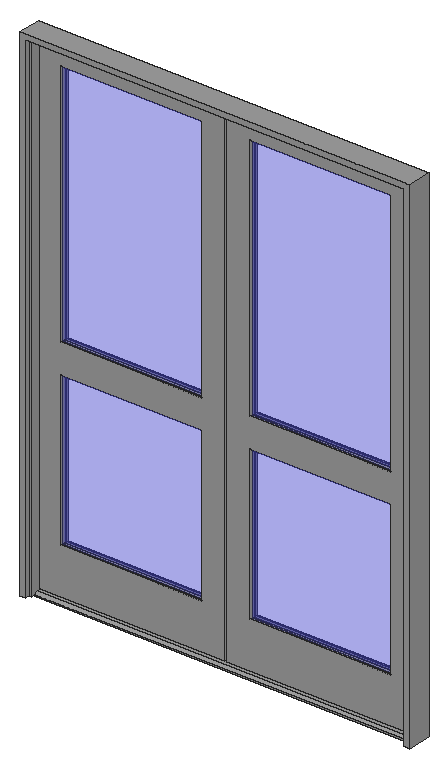
Revit family "MS-375 PIVOT DOOR-Double-VIP-1-CW_v05", category Curtain Panels, Revit 2015 (continued)
Definition of nested family "2.5x6-RTCIG CW-H8533-DHD-OHD SC-DI"
  Lines and regions (in)
    Filled region 3, type "2.5x6.75-RC CW-SSA-SG-H1416-DHD-OHD SC-FINE-1", in view "Ref. Level", not visible, detail levels fine
      outline origin (0, 2.5, 0) x (1, 0, 0) y (0, 1, 0)
        loop
          line (-1.03244, -2.5) -> (-1.28244, -2.5)
          arc (-1.28244, -2.5) -> (-1.26095, -2.625) -> (-1.28244, -2.75) r 0.37439
          line (-1.28244, -2.75) -> (-1.03244, -2.75) -> (-1.03244, -2.5)
    Filled region 4, type "2.5x6.75-RC CW-SSA-SG-H1416-DHD-OHD SC-FINE-1", in view "Ref. Level", not visible, detail levels fine
      outline origin (0, 2.5, 0) x (1, 0, 0) y (0, 1, 0)
        loop
          line (2.96756, -2.5) -> (2.96756, -2.75) -> (3.21756, -2.75)
          arc (3.21756, -2.75) -> (3.19608, -2.625) -> (3.21756, -2.5) r 0.37439
          line (3.21756, -2.5) -> (2.96756, -2.5)
    detail lines, in view "Ref. Level", detail levels fine
      curve 1: arc (1.65506, -0.328, 0) -> (1.67791, -0.38315, 0) -> (1.73306, -0.406, 0) r 0.078
      curve 2: arc (0.20206, -0.406, 0) -> (0.25722, -0.38315, 0) -> (0.28006, -0.328, 0) r 0.078
      curve 3: arc (0.68756, -1.173, 0) -> (0.71506, -1.2005, 0) -> (0.74256, -1.173, 0) r 0.0275
      curve 4: arc (0.74256, -1.408, 0) -> (0.71506, -1.3805, 0) -> (0.68756, -1.408, 0) r 0.0275
      curve 5: arc (2.00056, -1, 0) -> (1.96239, -1.07442, 0) -> (2.04511, -1.062, 0) r 0.047
      curve 6: arc (0.95295, -1.053, 0) -> (1.03486, -1.07804, 0) -> (0.99956, -1, 0) r 0.047
      curve 7: line (1.73306, -0.406, 0) -> (1.98306, -0.406, 0)
      curve 8: line (1.98306, -0.406, 0) -> (1.98306, -0.375, 0)
      curve 9: line (1.98306, -0.375, 0) -> (3.09256, -0.375, 0)
      curve 10: line (3.09256, -0.375, 0) -> (3.09256, -0.875, 0)
      curve 11: line (3.09256, -0.875, 0) -> (-1.15744, -0.875, 0)
      curve 12: line (-1.15744, -0.875, 0) -> (-1.15744, -0.375, 0)
      curve 13: line (-1.15744, -0.375, 0) -> (-0.04794, -0.375, 0)
      curve 14: line (-0.04794, -0.375, 0) -> (-0.04794, -0.406, 0)
      curve 15: line (-0.04794, -0.406, 0) -> (0.20206, -0.406, 0)
      curve 16: line (0.28006, -0.328, 0) -> (0.03006, -0.328, 0)
      curve 17: line (0.03006, -0.328, 0) -> (0.03006, -0.25, 0)
      curve 18: line (0.03006, -0.25, 0) -> (-1.28244, -0.25, 0)
      curve 19: line (-1.28244, -0.25, 0) -> (-1.28244, -1, 0)
      curve 20: line (-1.28244, -1, 0) -> (3.21756, -1, 0)
      curve 21: line (3.21756, -1, 0) -> (3.21756, -0.25, 0)
      curve 22: line (3.21756, -0.25, 0) -> (1.90506, -0.25, 0)
      curve 23: line (1.90506, -0.25, 0) -> (1.90506, -0.328, 0)
      curve 24: line (1.90506, -0.328, 0) -> (1.65506, -0.328, 0)
      curve 25: line (0.74256, -1.173, 0) -> (0.74256, -1.143, 0)
      curve 26: line (0.74256, -1.143, 0) -> (0.79756, -1.143, 0)
      curve 27: line (0.79756, -1.143, 0) -> (0.79756, -1.438, 0)
      curve 28: line (0.79756, -1.438, 0) -> (0.74256, -1.438, 0)
      curve 29: line (0.74256, -1.438, 0) -> (0.74256, -1.408, 0)
      curve 30: line (0.68756, -1.408, 0) -> (0.68756, -1.5, 0)
      curve 31: line (0.68756, -1.5, 0) -> (2.31256, -1.5, 0)
      curve 32: line (2.31256, -1.5, 0) -> (2.31256, -1, 0)
      curve 33: line (2.31256, -1, 0) -> (2.00056, -1, 0)
      curve 34: line (2.04511, -1.062, 0) -> (2.25056, -1.062, 0)
      curve 35: line (2.25056, -1.062, 0) -> (2.25056, -1.438, 0)
      curve 36: line (2.25056, -1.438, 0) -> (0.85956, -1.438, 0)
      curve 37: line (0.85956, -1.438, 0) -> (0.85956, -1.053, 0)
      curve 38: line (0.85956, -1.053, 0) -> (0.95295, -1.053, 0)
      curve 39: line (0.99956, -1, 0) -> (0.79756, -1, 0)
      curve 40: line (0.79756, -1, 0) -> (0.79756, -1.081, 0)
      curve 41: line (0.79756, -1.081, 0) -> (0.74256, -1.081, 0)
      curve 42: line (0.74256, -1.081, 0) -> (0.74256, -1, 0)
      curve 43: line (0.74256, -1, 0) -> (0.68756, -1, 0)
      curve 44: line (0.68756, -1, 0) -> (0.68756, -1.173, 0)
      curve 45: line (-1.28244, 0, 0) -> (-1.28244, -1, 0)
      curve 46: line (-1.28244, -1, 0) -> (0.68756, -1, 0)
      curve 47: line (0.68756, -1, 0) -> (0.68756, -1.5, 0)
      curve 48: line (0.68756, -1.5, 0) -> (2.31256, -1.5, 0)
      curve 49: line (2.31256, -1.5, 0) -> (2.31256, -1, 0)
      curve 50: line (2.31256, -1, 0) -> (3.21756, -1, 0)
      curve 51: line (3.21756, -1, 0) -> (3.21756, 0, 0)
      curve 52: line (3.21756, 0, 0) -> (-1.28244, 0, 0)
      curve 53: arc (-1.28244, -0.25, 0) -> (-1.26095, -0.125, 0) -> (-1.28244, 0, 0) r 0.37439
      curve 54: arc (3.21756, 0, 0) -> (3.19608, -0.125, 0) -> (3.21756, -0.25, 0) r 0.37439
      curve 55: arc (1.95497, -1.14175, 0) -> (1.95619, -1.1362, 0) -> (1.95482, -1.13068, 0) r 0.0125
      curve 56: arc (1.98284, -1.14139, 0) -> (1.98406, -1.13584, 0) -> (1.9827, -1.13032, 0) r 0.0125
      curve 57: arc (1.01743, -1.13032, 0) -> (1.01607, -1.13584, 0) -> (1.01729, -1.14139, 0) r 0.0125
      curve 58: arc (1.0453, -1.13068, 0) -> (1.04394, -1.1362, 0) -> (1.04516, -1.14175, 0) r 0.0125
      curve 59: arc (1.10681, -1.025, 0) -> (1.10028, -1.02684, 0) -> (1.09567, -1.03182, 0) r 0.0125
      curve 60: arc (1.90446, -1.03183, 0) -> (1.89985, -1.02684, 0) -> (1.89332, -1.025, 0) r 0.0125
      curve 61: line (-1.03244, -0.25, 0) -> (-1.03244, 0, 0)
      curve 62: line (-1.03244, 0, 0) -> (2.96756, 0, 0)
      curve 63: line (2.96756, 0, 0) -> (2.96756, -0.25, 0)
      curve 64: line (2.96756, -0.25, 0) -> (-1.03244, -0.25, 0)
      curve 65: line (-1.03244, -0.25, 0) -> (2.96756, 0, 0)
      curve 66: line (-1.03244, 0, 0) -> (2.96756, -0.25, 0)
      curve 67: line (1.95497, -1.14175, 0) -> (1.89789, -1.26122, 0)
      curve 68: line (1.89789, -1.26122, 0) -> (1.92045, -1.272, 0)
      curve 69: line (1.92045, -1.272, 0) -> (1.98284, -1.14139, 0)
      curve 70: line (1.9827, -1.13032, 0) -> (1.92904, -1.025, 0)
      curve 71: line (1.92904, -1.025, 0) -> (1.95506, -1.025, 0)
      curve 72: line (1.95506, -1.025, 0) -> (1.95506, -1, 0)
      curve 73: line (1.95506, -1, 0) -> (1.04506, -1, 0)
      curve 74: line (1.04506, -1, 0) -> (1.04506, -1.025, 0)
      curve 75: line (1.04506, -1.025, 0) -> (1.07109, -1.025, 0)
      curve 76: line (1.07109, -1.025, 0) -> (1.01743, -1.13032, 0)
      curve 77: line (1.01729, -1.14139, 0) -> (1.07968, -1.272, 0)
      curve 78: line (1.07968, -1.272, 0) -> (1.10224, -1.26122, 0)
      curve 79: line (1.10224, -1.26122, 0) -> (1.04516, -1.14175, 0)
      curve 80: line (1.0453, -1.13068, 0) -> (1.09567, -1.03182, 0)
      curve 81: line (1.10681, -1.025, 0) -> (1.89332, -1.025, 0)
      curve 82: line (1.90446, -1.03183, 0) -> (1.95482, -1.13068, 0)
      curve 83: line (0.54796, -1.18033, 0) -> (0.56296, -1.18633, 0)
      curve 84: line (0.56296, -1.18633, 0) -> (0.57696, -1.19533, 0)
      curve 85: line (0.57696, -1.19533, 0) -> (0.60296, -1.19933, 0)
      curve 86: line (0.60296, -1.19933, 0) -> (0.62096, -1.20333, 0)
      curve 87: line (0.62096, -1.20333, 0) -> (0.65696, -1.20433, 0)
      curve 88: line (0.65696, -1.20433, 0) -> (0.67296, -1.20633, 0)
      curve 89: line (0.67296, -1.20633, 0) -> (0.69296, -1.20833, 0)
      curve 90: line (0.69296, -1.20833, 0) -> (0.69696, -1.21433, 0)
      curve 91: line (0.69696, -1.21433, 0) -> (0.70996, -1.20833, 0)
      curve 92: line (0.70996, -1.20833, 0) -> (0.69696, -1.21433, 0)
      curve 93: line (0.55396, -1.35233, 0) -> (0.58296, -1.35233, 0)
      curve 94: line (0.58296, -1.35233, 0) -> (0.60796, -1.35233, 0)
      curve 95: line (0.60796, -1.35233, 0) -> (0.62496, -1.35433, 0)
      curve 96: line (0.62496, -1.35433, 0) -> (0.65696, -1.35433, 0)
      curve 97: line (0.65696, -1.35433, 0) -> (0.67696, -1.35533, 0)
      curve 98: line (0.67696, -1.35533, 0) -> (0.70396, -1.36133, 0)
      curve 99: line (0.70396, -1.36133, 0) -> (0.67496, -1.36433, 0)
      curve 100: line (0.67496, -1.36433, 0) -> (0.68996, -1.37033, 0)
      curve 101: line (0.68996, -1.37033, 0) -> (0.67296, -1.36633, 0)
      curve 102: line (0.67296, -1.36633, 0) -> (0.65096, -1.36833, 0)
      curve 103: line (0.65096, -1.36833, 0) -> (0.58796, -1.37733, 0)
      curve 104: line (0.58796, -1.37733, 0) -> (0.60596, -1.37733, 0)
      curve 105: line (0.60596, -1.37733, 0) -> (0.61696, -1.37533, 0)
      curve 106: line (0.61696, -1.37533, 0) -> (0.63196, -1.37433, 0)
      curve 107: line (0.63196, -1.37433, 0) -> (0.65896, -1.37233, 0)
      curve 108: line (0.65896, -1.37233, 0) -> (0.67896, -1.37033, 0)
      curve 109: line (0.67896, -1.37033, 0) -> (0.65296, -1.36633, 0)
      curve 110: line (0.65296, -1.36633, 0) -> (0.62296, -1.36633, 0)
      curve 111: line (0.62296, -1.36633, 0) -> (0.58996, -1.36433, 0)
      curve 112: line (0.58996, -1.36433, 0) -> (0.54796, -1.36933, 0)
      curve 113: line (0.57196, -1.38433, 0) -> (0.58996, -1.38133, 0)
      curve 114: line (0.58996, -1.38133, 0) -> (0.54796, -1.38833, 0)
      curve 115: line (0.54796, -1.38833, 0) -> (0.57196, -1.38433, 0)
      curve 116: line (0.54996, -1.24133, 0) -> (0.56796, -1.23933, 0)
      curve 117: line (0.56796, -1.23933, 0) -> (0.58096, -1.23733, 0)
      curve 118: line (0.58096, -1.23733, 0) -> (0.59396, -1.23533, 0)
      curve 119: line (0.59396, -1.23533, 0) -> (0.61496, -1.23533, 0)
      curve 120: line (0.61496, -1.23533, 0) -> (0.62796, -1.23533, 0)
      curve 121: line (0.62796, -1.23533, 0) -> (0.65696, -1.23733, 0)
      curve 122: line (0.65696, -1.23733, 0) -> (0.67096, -1.23733, 0)
      curve 123: line (0.67096, -1.23733, 0) -> (0.67896, -1.23933, 0)
      curve 124: line (0.67896, -1.23933, 0) -> (0.69696, -1.24133, 0)
      curve 125: line (0.69696, -1.24133, 0) -> (0.71096, -1.24433, 0)
      curve 126: line (0.71096, -1.24433, 0) -> (0.72796, -1.25233, 0)
      curve 127: line (0.72796, -1.25233, 0) -> (0.74196, -1.25233, 0)
      curve 128: line (0.74196, -1.25233, 0) -> (0.72596, -1.24433, 0)
      curve 129: line (0.72596, -1.24433, 0) -> (0.71096, -1.25033, 0)
      curve 130: line (0.71096, -1.25033, 0) -> (0.70196, -1.25033, 0)
      curve 131: line (0.70196, -1.25033, 0) -> (0.68596, -1.25033, 0)
      curve 132: line (0.68596, -1.25033, 0) -> (0.67096, -1.24633, 0)
      curve 133: line (0.67096, -1.24633, 0) -> (0.65496, -1.24633, 0)
      curve 134: line (0.65496, -1.24633, 0) -> (0.62296, -1.24633, 0)
      curve 135: line (0.62296, -1.24633, 0) -> (0.60596, -1.24633, 0)
      curve 136: line (0.60596, -1.24633, 0) -> (0.59396, -1.24633, 0)
      curve 137: line (0.59396, -1.24633, 0) -> (0.54796, -1.25433, 0)
      curve 138: line (0.54996, -1.20833, 0) -> (0.56096, -1.20833, 0)
      curve 139: line (0.56096, -1.20833, 0) -> (0.58096, -1.20833, 0)
      curve 140: line (0.58096, -1.20833, 0) -> (0.59196, -1.20633, 0)
      curve 141: line (0.59196, -1.20633, 0) -> (0.59896, -1.20633, 0)
      curve 142: line (0.59896, -1.20633, 0) -> (0.60596, -1.20833, 0)
      curve 143: line (0.60596, -1.20833, 0) -> (0.62296, -1.21433, 0)
      curve 144: line (0.62296, -1.21433, 0) -> (0.65496, -1.21233, 0)
      curve 145: line (0.65496, -1.21233, 0) -> (0.66196, -1.21033, 0)
      curve 146: line (0.66196, -1.21033, 0) -> (0.67096, -1.21233, 0)
      curve 147: line (0.67096, -1.21233, 0) -> (0.68096, -1.21233, 0)
      curve 148: line (0.68096, -1.21233, 0) -> (0.68996, -1.21233, 0)
      curve 149: line (0.74596, -1.21033, 0) -> (0.73496, -1.21033, 0)
      curve 150: line (0.73496, -1.21033, 0) -> (0.74196, -1.21033, 0)
      curve 151: line (0.74196, -1.21033, 0) -> (0.75296, -1.21033, 0)
      curve 152: line (0.75296, -1.21033, 0) -> (0.76396, -1.21033, 0)
      curve 153: line (0.76396, -1.21033, 0) -> (0.77496, -1.20633, 0)
      curve 154: line (0.77896, -1.20633, 0) -> (0.76796, -1.20633, 0)
      curve 155: line (0.76796, -1.20633, 0) -> (0.76096, -1.20633, 0)
      curve 156: line (0.76096, -1.20633, 0) -> (0.75296, -1.20833, 0)
      curve 157: line (0.75296, -1.20833, 0) -> (0.74596, -1.21033, 0)
      curve 158: line (0.78096, -1.27033, 0) -> (0.76996, -1.27233, 0)
      curve 159: line (0.76996, -1.27233, 0) -> (0.75496, -1.27433, 0)
      curve 160: line (0.75496, -1.27433, 0) -> (0.74396, -1.27433, 0)
      curve 161: line (0.74396, -1.27433, 0) -> (0.73496, -1.27433, 0)
      curve 162: line (0.73496, -1.27433, 0) -> (0.71496, -1.27433, 0)
      curve 163: line (0.71496, -1.27433, 0) -> (0.69696, -1.27433, 0)
      curve 164: line (0.69696, -1.27433, 0) -> (0.67496, -1.27033, 0)
      curve 165: line (0.67496, -1.27033, 0) -> (0.65696, -1.27033, 0)
      curve 166: line (0.65696, -1.27033, 0) -> (0.60996, -1.27033, 0)
      curve 167: line (0.60996, -1.27033, 0) -> (0.57396, -1.27033, 0)
      curve 168: line (0.57396, -1.27033, 0) -> (0.54796, -1.26833, 0)
      curve 169: line (0.54796, -1.26133, 0) -> (0.56796, -1.26133, 0)
      curve 170: line (0.56796, -1.26133, 0) -> (0.59696, -1.26133, 0)
      curve 171: line (0.59696, -1.26133, 0) -> (0.62496, -1.26133, 0)
      curve 172: line (0.62496, -1.26133, 0) -> (0.66796, -1.26333, 0)
      curve 173: line (0.66796, -1.26333, 0) -> (0.70096, -1.26433, 0)
      curve 174: line (0.70096, -1.26433, 0) -> (0.71896, -1.26333, 0)
      curve 175: line (0.71896, -1.26333, 0) -> (0.73296, -1.26333, 0)
      curve 176: line (0.73296, -1.26333, 0) -> (0.75096, -1.26333, 0)
      curve 177: line (0.75096, -1.26333, 0) -> (0.76096, -1.26333, 0)
      curve 178: line (0.76096, -1.26333, 0) -> (0.76796, -1.26333, 0)
      curve 179: line (0.76796, -1.26333, 0) -> (0.78096, -1.26333, 0)
      curve 180: line (0.78096, -1.25133, 0) -> (0.76996, -1.25033, 0)
      curve 181: line (0.76996, -1.25033, 0) -> (0.76196, -1.25033, 0)
      curve 182: line (0.76196, -1.25033, 0) -> (0.75096, -1.25233, 0)
      curve 183: line (0.75096, -1.25233, 0) -> (0.74196, -1.25233, 0)
      curve 184: line (0.74196, -1.25233, 0) -> (0.74996, -1.24833, 0)
      curve 185: line (0.74996, -1.24833, 0) -> (0.76396, -1.24633, 0)
      curve 186: line (0.76396, -1.24633, 0) -> (0.77496, -1.24333, 0)
      curve 187: line (0.76996, -1.22433, 0) -> (0.75496, -1.22433, 0)
      curve 188: line (0.75496, -1.22433, 0) -> (0.74196, -1.22633, 0)
      curve 189: line (0.74196, -1.22633, 0) -> (0.73296, -1.22633, 0)
      curve 190: line (0.73296, -1.22633, 0) -> (0.70996, -1.22433, 0)
      curve 191: line (0.70996, -1.22433, 0) -> (0.69896, -1.22333, 0)
      curve 192: line (0.69896, -1.22333, 0) -> (0.67696, -1.22433, 0)
      curve 193: line (0.67696, -1.22433, 0) -> (0.65296, -1.22333, 0)
      curve 194: line (0.65296, -1.22333, 0) -> (0.62296, -1.22333, 0)
      curve 195: line (0.62296, -1.22333, 0) -> (0.59896, -1.22133, 0)
      curve 196: line (0.59896, -1.22133, 0) -> (0.58096, -1.22133, 0)
      curve 197: line (0.58096, -1.22133, 0) -> (0.56096, -1.22133, 0)
      curve 198: line (0.56096, -1.22133, 0) -> (0.54796, -1.22233, 0)
      curve 199: line (0.73496, -1.21033, 0) -> (0.71896, -1.21233, 0)
      curve 200: line (0.71896, -1.21233, 0) -> (0.70996, -1.20833, 0)
      curve 201: line (0.70996, -1.20833, 0) -> (0.72396, -1.20833, 0)
      curve 202: line (0.72396, -1.20833, 0) -> (0.73296, -1.21233, 0)
      curve 203: line (0.73296, -1.37433, 0) -> (0.74396, -1.37433, 0)
      curve 204: line (0.74396, -1.37433, 0) -> (0.76096, -1.37433, 0)
      curve 205: line (0.76096, -1.37433, 0) -> (0.77296, -1.37433, 0)
      curve 206: line (0.78096, -1.37033, 0) -> (0.77096, -1.37033, 0)
      curve 207: line (0.77096, -1.37033, 0) -> (0.75496, -1.37033, 0)
      curve 208: line (0.75496, -1.37033, 0) -> (0.74796, -1.36833, 0)
      curve 209: line (0.74796, -1.36833, 0) -> (0.74096, -1.36833, 0)
      curve 210: line (0.74096, -1.36833, 0) -> (0.72996, -1.36633, 0)
      curve 211: line (0.72996, -1.36633, 0) -> (0.71496, -1.36633, 0)
      curve 212: line (0.71496, -1.36633, 0) -> (0.70396, -1.36633, 0)
      curve 213: line (0.70396, -1.36633, 0) -> (0.68996, -1.37033, 0)
      curve 214: line (0.68996, -1.37033, 0) -> (0.70596, -1.37233, 0)
      curve 215: line (0.70596, -1.37233, 0) -> (0.72096, -1.37233, 0)
      curve 216: line (0.72096, -1.37233, 0) -> (0.73296, -1.37433, 0)
      curve 217: line (0.75896, -1.35433, 0) -> (0.74796, -1.35033, 0)
      curve 218: line (0.74796, -1.35033, 0) -> (0.76396, -1.34633, 0)
      curve 219: line (0.76396, -1.34633, 0) -> (0.77296, -1.34633, 0)
      curve 220: line (0.77296, -1.34633, 0) -> (0.78096, -1.34833, 0)
      curve 221: line (0.78096, -1.34833, 0) -> (0.77296, -1.35433, 0)
      curve 222: line (0.77296, -1.35433, 0) -> (0.76596, -1.35433, 0)
      curve 223: line (0.76596, -1.35433, 0) -> (0.75896, -1.35433, 0)
      curve 224: line (0.54796, -1.31033, 0) -> (0.55896, -1.31033, 0)
      curve 225: line (0.55896, -1.31033, 0) -> (0.58796, -1.30833, 0)
      curve 226: line (0.58796, -1.30833, 0) -> (0.61496, -1.30833, 0)
      curve 227: line (0.61496, -1.30833, 0) -> (0.62796, -1.30833, 0)
      curve 228: line (0.62796, -1.30833, 0) -> (0.66196, -1.31033, 0)
      curve 229: line (0.66196, -1.31033, 0) -> (0.68096, -1.31233, 0)
      curve 230: line (0.68096, -1.31233, 0) -> (0.69896, -1.31433, 0)
      curve 231: line (0.69896, -1.31433, 0) -> (0.72096, -1.31433, 0)
      curve 232: line (0.72096, -1.31433, 0) -> (0.73696, -1.31433, 0)
      curve 233: line (0.73696, -1.31433, 0) -> (0.75896, -1.31433, 0)
      curve 234: line (0.75896, -1.31433, 0) -> (0.76596, -1.31433, 0)
      curve 235: line (0.76596, -1.31433, 0) -> (0.77896, -1.31033, 0)
      curve 236: line (0.54796, -1.32333, 0) -> (0.57896, -1.32133, 0)
      curve 237: line (0.57896, -1.32133, 0) -> (0.60496, -1.31933, 0)
      curve 238: line (0.60496, -1.31933, 0) -> (0.61896, -1.31933, 0)
      curve 239: line (0.61896, -1.31933, 0) -> (0.66196, -1.31933, 0)
      curve 240: line (0.66196, -1.31933, 0) -> (0.67696, -1.32133, 0)
      curve 241: line (0.67696, -1.32133, 0) -> (0.70096, -1.32133, 0)
      curve 242: line (0.70096, -1.32133, 0) -> (0.71496, -1.32133, 0)
      curve 243: line (0.71496, -1.32133, 0) -> (0.73496, -1.32133, 0)
      curve 244: line (0.73496, -1.32133, 0) -> (0.75096, -1.32333, 0)
      curve 245: line (0.75096, -1.32333, 0) -> (0.76196, -1.32433, 0)
      curve 246: line (0.76196, -1.32433, 0) -> (0.77096, -1.32433, 0)
      curve 247: line (0.77096, -1.32433, 0) -> (0.78096, -1.32433, 0)
      curve 248: line (0.73296, -1.35433, 0) -> (0.74796, -1.35433, 0)
      curve 249: line (0.74796, -1.35433, 0) -> (0.72596, -1.35733, 0)
      curve 250: line (0.72596, -1.35733, 0) -> (0.73296, -1.35433, 0)
      curve 251: line (0.71296, -1.35533, 0) -> (0.70396, -1.36133, 0)
      curve 252: line (0.70396, -1.36133, 0) -> (0.72596, -1.35733, 0)
      curve 253: line (0.72596, -1.35733, 0) -> (0.71296, -1.35533, 0)
      curve 254: line (0.54796, -1.29533, 0) -> (0.57696, -1.29533, 0)
      curve 255: line (0.57696, -1.29533, 0) -> (0.60996, -1.29533, 0)
      curve 256: line (0.60996, -1.29533, 0) -> (0.65296, -1.29533, 0)
      curve 257: line (0.65296, -1.29533, 0) -> (0.67296, -1.29533, 0)
      curve 258: line (0.67296, -1.29533, 0) -> (0.69896, -1.29933, 0)
      curve 259: line (0.69896, -1.29933, 0) -> (0.70796, -1.29933, 0)
      curve 260: line (0.70796, -1.29933, 0) -> (0.72096, -1.30133, 0)
      curve 261: line (0.72096, -1.30133, 0) -> (0.73296, -1.30133, 0)
      curve 262: line (0.73296, -1.30133, 0) -> (0.74396, -1.30133, 0)
      curve 263: line (0.74396, -1.30133, 0) -> (0.75296, -1.30133, 0)
      curve 264: line (0.75296, -1.30133, 0) -> (0.76996, -1.29933, 0)
      curve 265: line (0.76996, -1.29933, 0) -> (0.77696, -1.29933, 0)
      curve 266: line (0.77696, -1.29933, 0) -> (0.77696, -1.2896, 0)
      curve 267: line (0.78096, -1.28933, 0) -> (0.76596, -1.29033, 0)
      curve 268: line (0.76596, -1.29033, 0) -> (0.75496, -1.29033, 0)
      curve 269: line (0.75496, -1.29033, 0) -> (0.74096, -1.29233, 0)
      curve 270: line (0.74096, -1.29233, 0) -> (0.70996, -1.28833, 0)
      curve 271: line (0.70996, -1.28833, 0) -> (0.69296, -1.28833, 0)
      curve 272: line (0.69296, -1.28833, 0) -> (0.67696, -1.28833, 0)
      curve 273: line (0.67696, -1.28833, 0) -> (0.66096, -1.28633, 0)
      curve 274: line (0.66096, -1.28633, 0) -> (0.62296, -1.28633, 0)
      curve 275: line (0.62296, -1.28633, 0) -> (0.60096, -1.28433, 0)
      curve 276: line (0.60096, -1.28433, 0) -> (0.56096, -1.28333, 0)
      curve 277: line (0.56096, -1.28333, 0) -> (0.54796, -1.28333, 0)
      curve 278: line (0.54796, -1.33833, 0) -> (0.57896, -1.33533, 0)
      curve 279: line (0.57896, -1.33533, 0) -> (0.61496, -1.33733, 0)
      curve 280: line (0.61496, -1.33733, 0) -> (0.65296, -1.33733, 0)
      curve 281: line (0.65296, -1.33733, 0) -> (0.67496, -1.33733, 0)
      curve 282: line (0.67496, -1.33733, 0) -> (0.69496, -1.33733, 0)
      curve 283: line (0.69496, -1.33733, 0) -> (0.70996, -1.33733, 0)
      curve 284: line (0.70996, -1.33733, 0) -> (0.72596, -1.33933, 0)
      curve 285: line (0.72596, -1.33933, 0) -> (0.73696, -1.33933, 0)
      curve 286: line (0.73696, -1.33933, 0) -> (0.74796, -1.33933, 0)
      curve 287: line (0.74796, -1.33933, 0) -> (0.75896, -1.33933, 0)
      curve 288: line (0.75896, -1.33933, 0) -> (0.77696, -1.33733, 0)
      curve 289: line (0.78096, -1.41933, 0) -> (0.78096, -1.15933, 0)
    detail lines, in view "Ref. Level", detail levels medium
      curve 290: arc (1.65506, -0.328, 0) -> (1.67791, -0.38315, 0) -> (1.73306, -0.406, 0) r 0.078
      curve 291: arc (0.20206, -0.406, 0) -> (0.25722, -0.38315, 0) -> (0.28006, -0.328, 0) r 0.078
      curve 292: arc (0.68756, -1.173, 0) -> (0.71506, -1.2005, 0) -> (0.74256, -1.173, 0) r 0.0275
      curve 293: arc (0.74256, -1.408, 0) -> (0.71506, -1.3805, 0) -> (0.68756, -1.408, 0) r 0.0275
      curve 294: arc (2.00056, -1, 0) -> (1.96239, -1.07442, 0) -> (2.04511, -1.062, 0) r 0.047
      curve 295: arc (0.95295, -1.053, 0) -> (1.03486, -1.07804, 0) -> (0.99956, -1, 0) r 0.047
      curve 296: line (1.73306, -0.406, 0) -> (1.98306, -0.406, 0)
      curve 297: line (1.98306, -0.406, 0) -> (1.98306, -0.375, 0)
      curve 298: line (1.98306, -0.375, 0) -> (3.09256, -0.375, 0)
      curve 299: line (3.09256, -0.375, 0) -> (3.09256, -0.875, 0)
      curve 300: line (3.09256, -0.875, 0) -> (-1.15744, -0.875, 0)
      curve 301: line (-1.15744, -0.875, 0) -> (-1.15744, -0.375, 0)
      curve 302: line (-1.15744, -0.375, 0) -> (-0.04794, -0.375, 0)
      curve 303: line (-0.04794, -0.375, 0) -> (-0.04794, -0.406, 0)
      curve 304: line (-0.04794, -0.406, 0) -> (0.20206, -0.406, 0)
      curve 305: line (0.28006, -0.328, 0) -> (0.03006, -0.328, 0)
      curve 306: line (0.03006, -0.328, 0) -> (0.03006, -0.25, 0)
      curve 307: line (0.03006, -0.25, 0) -> (-1.28244, -0.25, 0)
      curve 308: line (-1.28244, -0.25, 0) -> (-1.28244, -1, 0)
      curve 309: line (-1.28244, -1, 0) -> (3.21756, -1, 0)
      curve 310: line (3.21756, -1, 0) -> (3.21756, -0.25, 0)
      curve 311: line (3.21756, -0.25, 0) -> (1.90506, -0.25, 0)
      curve 312: line (1.90506, -0.25, 0) -> (1.90506, -0.328, 0)
      curve 313: line (1.90506, -0.328, 0) -> (1.65506, -0.328, 0)
      curve 314: line (0.74256, -1.173, 0) -> (0.74256, -1.143, 0)
      curve 315: line (0.74256, -1.143, 0) -> (0.79756, -1.143, 0)
      curve 316: line (0.79756, -1.143, 0) -> (0.79756, -1.438, 0)
      curve 317: line (0.79756, -1.438, 0) -> (0.74256, -1.438, 0)
      curve 318: line (0.74256, -1.438, 0) -> (0.74256, -1.408, 0)
      curve 319: line (0.68756, -1.408, 0) -> (0.68756, -1.5, 0)
      curve 320: line (0.68756, -1.5, 0) -> (2.31256, -1.5, 0)
      curve 321: line (2.31256, -1.5, 0) -> (2.31256, -1, 0)
      curve 322: line (2.31256, -1, 0) -> (2.00056, -1, 0)
      curve 323: line (2.04511, -1.062, 0) -> (2.25056, -1.062, 0)
      curve 324: line (2.25056, -1.062, 0) -> (2.25056, -1.438, 0)
      curve 325: line (2.25056, -1.438, 0) -> (0.85956, -1.438, 0)
      curve 326: line (0.85956, -1.438, 0) -> (0.85956, -1.053, 0)
      curve 327: line (0.85956, -1.053, 0) -> (0.95295, -1.053, 0)
      curve 328: line (0.99956, -1, 0) -> (0.79756, -1, 0)
      curve 329: line (0.79756, -1, 0) -> (0.79756, -1.081, 0)
      curve 330: line (0.79756, -1.081, 0) -> (0.74256, -1.081, 0)
      curve 331: line (0.74256, -1.081, 0) -> (0.74256, -1, 0)
      curve 332: line (0.74256, -1, 0) -> (0.68756, -1, 0)
      curve 333: line (0.68756, -1, 0) -> (0.68756, -1.173, 0)
      curve 334: line (-1.28244, 0, 0) -> (-1.28244, -1, 0)
      curve 335: line (-1.28244, -1, 0) -> (0.68756, -1, 0)
      curve 336: line (0.68756, -1, 0) -> (0.68756, -1.5, 0)
      curve 337: line (0.68756, -1.5, 0) -> (2.31256, -1.5, 0)
      curve 338: line (2.31256, -1.5, 0) -> (2.31256, -1, 0)
      curve 339: line (2.31256, -1, 0) -> (3.21756, -1, 0)
      curve 340: line (3.21756, -1, 0) -> (3.21756, 0, 0)
      curve 341: line (3.21756, 0, 0) -> (-1.28244, 0, 0)
    detail lines, in view "Ref. Level", not visible, detail levels fine
      curve 342: arc (1.65506, -0.328, 0) -> (1.67791, -0.38315, 0) -> (1.73306, -0.406, 0) r 0.078
      curve 343: arc (0.20206, -0.406, 0) -> (0.25722, -0.38315, 0) -> (0.28006, -0.328, 0) r 0.078
      curve 344: arc (0.68756, -1.173, 0) -> (0.71506, -1.2005, 0) -> (0.74256, -1.173, 0) r 0.0275
      curve 345: arc (0.74256, -1.408, 0) -> (0.71506, -1.3805, 0) -> (0.68756, -1.408, 0) r 0.0275
      curve 346: arc (2.00056, -1, 0) -> (1.96239, -1.07442, 0) -> (2.04511, -1.062, 0) r 0.047
      curve 347: arc (0.95295, -1.053, 0) -> (1.03486, -1.07804, 0) -> (0.99956, -1, 0) r 0.047
      curve 348: line (1.73306, -0.406, 0) -> (1.98306, -0.406, 0)
      curve 349: line (1.98306, -0.406, 0) -> (1.98306, -0.375, 0)
      curve 350: line (1.98306, -0.375, 0) -> (3.09256, -0.375, 0)
      curve 351: line (3.09256, -0.375, 0) -> (3.09256, -0.875, 0)
      curve 352: line (3.09256, -0.875, 0) -> (-1.15744, -0.875, 0)
      curve 353: line (-1.15744, -0.875, 0) -> (-1.15744, -0.375, 0)
      curve 354: line (-1.15744, -0.375, 0) -> (-0.04794, -0.375, 0)
      curve 355: line (-0.04794, -0.375, 0) -> (-0.04794, -0.406, 0)
      curve 356: line (-0.04794, -0.406, 0) -> (0.20206, -0.406, 0)
      curve 357: line (0.28006, -0.328, 0) -> (0.03006, -0.328, 0)
      curve 358: line (0.03006, -0.328, 0) -> (0.03006, -0.25, 0)
      curve 359: line (0.03006, -0.25, 0) -> (-1.28244, -0.25, 0)
      curve 360: line (-1.28244, -0.25, 0) -> (-1.28244, -1, 0)
      curve 361: line (-1.28244, -1, 0) -> (3.21756, -1, 0)
      curve 362: line (3.21756, -1, 0) -> (3.21756, -0.25, 0)
      curve 363: line (3.21756, -0.25, 0) -> (1.90506, -0.25, 0)
      curve 364: line (1.90506, -0.25, 0) -> (1.90506, -0.328, 0)
      curve 365: line (1.90506, -0.328, 0) -> (1.65506, -0.328, 0)
      curve 366: line (0.74256, -1.173, 0) -> (0.74256, -1.143, 0)
      curve 367: line (0.74256, -1.143, 0) -> (0.79756, -1.143, 0)
      curve 368: line (0.79756, -1.143, 0) -> (0.79756, -1.438, 0)
      curve 369: line (0.79756, -1.438, 0) -> (0.74256, -1.438, 0)
      curve 370: line (0.74256, -1.438, 0) -> (0.74256, -1.408, 0)
      curve 371: line (0.68756, -1.408, 0) -> (0.68756, -1.5, 0)
      curve 372: line (0.68756, -1.5, 0) -> (2.31256, -1.5, 0)
      curve 373: line (2.31256, -1.5, 0) -> (2.31256, -1, 0)
      curve 374: line (2.31256, -1, 0) -> (2.00056, -1, 0)
      curve 375: line (2.04511, -1.062, 0) -> (2.25056, -1.062, 0)
      curve 376: line (2.25056, -1.062, 0) -> (2.25056, -1.438, 0)
      curve 377: line (2.25056, -1.438, 0) -> (0.85956, -1.438, 0)
      curve 378: line (0.85956, -1.438, 0) -> (0.85956, -1.053, 0)
      curve 379: line (0.85956, -1.053, 0) -> (0.95295, -1.053, 0)
      curve 380: line (0.99956, -1, 0) -> (0.79756, -1, 0)
      curve 381: line (0.79756, -1, 0) -> (0.79756, -1.081, 0)
      curve 382: line (0.79756, -1.081, 0) -> (0.74256, -1.081, 0)
      curve 383: line (0.74256, -1.081, 0) -> (0.74256, -1, 0)
      curve 384: line (0.74256, -1, 0) -> (0.68756, -1, 0)
      curve 385: line (0.68756, -1, 0) -> (0.68756, -1.173, 0)
      curve 386: line (-1.28244, 0, 0) -> (-1.28244, -1, 0)
      curve 387: line (-1.28244, -1, 0) -> (0.68756, -1, 0)
      curve 388: line (0.68756, -1, 0) -> (0.68756, -1.5, 0)
      curve 389: line (0.68756, -1.5, 0) -> (2.31256, -1.5, 0)
      curve 390: line (2.31256, -1.5, 0) -> (2.31256, -1, 0)
      curve 391: line (2.31256, -1, 0) -> (3.21756, -1, 0)
      curve 392: line (3.21756, -1, 0) -> (3.21756, 0, 0)
      curve 393: line (3.21756, 0, 0) -> (-1.28244, 0, 0)
      curve 394: arc (-1.28244, -0.25, 0) -> (-1.26095, -0.125, 0) -> (-1.28244, 0, 0) r 0.37439
      curve 395: arc (3.21756, 0, 0) -> (3.19608, -0.125, 0) -> (3.21756, -0.25, 0) r 0.37439
      curve 396: arc (1.95497, -1.14175, 0) -> (1.95619, -1.1362, 0) -> (1.95482, -1.13068, 0) r 0.0125
      curve 397: arc (1.98284, -1.14139, 0) -> (1.98406, -1.13584, 0) -> (1.9827, -1.13032, 0) r 0.0125
      curve 398: arc (1.01743, -1.13032, 0) -> (1.01607, -1.13584, 0) -> (1.01729, -1.14139, 0) r 0.0125
      curve 399: arc (1.0453, -1.13068, 0) -> (1.04394, -1.1362, 0) -> (1.04516, -1.14175, 0) r 0.0125
      curve 400: arc (1.10681, -1.025, 0) -> (1.10028, -1.02684, 0) -> (1.09567, -1.03182, 0) r 0.0125
      curve 401: arc (1.90446, -1.03183, 0) -> (1.89985, -1.02684, 0) -> (1.89332, -1.025, 0) r 0.0125
      curve 402: line (-1.03244, -0.25, 0) -> (-1.03244, 0, 0)
      curve 403: line (-1.03244, 0, 0) -> (2.96756, 0, 0)
      curve 404: line (2.96756, 0, 0) -> (2.96756, -0.25, 0)
      curve 405: line (2.96756, -0.25, 0) -> (-1.03244, -0.25, 0)
      curve 406: line (-1.03244, -0.25, 0) -> (2.96756, 0, 0)
      curve 407: line (-1.03244, 0, 0) -> (2.96756, -0.25, 0)
      curve 408: line (1.95497, -1.14175, 0) -> (1.89789, -1.26122, 0)
      curve 409: line (1.89789, -1.26122, 0) -> (1.92045, -1.272, 0)
      curve 410: line (1.92045, -1.272, 0) -> (1.98284, -1.14139, 0)
      curve 411: line (1.9827, -1.13032, 0) -> (1.92904, -1.025, 0)
      curve 412: line (1.92904, -1.025, 0) -> (1.95506, -1.025, 0)
      curve 413: line (1.95506, -1.025, 0) -> (1.95506, -1, 0)
      curve 414: line (1.95506, -1, 0) -> (1.04506, -1, 0)
      curve 415: line (1.04506, -1, 0) -> (1.04506, -1.025, 0)
      curve 416: line (1.04506, -1.025, 0) -> (1.07109, -1.025, 0)
      curve 417: line (1.07109, -1.025, 0) -> (1.01743, -1.13032, 0)
      curve 418: line (1.01729, -1.14139, 0) -> (1.07968, -1.272, 0)
      curve 419: line (1.07968, -1.272, 0) -> (1.10224, -1.26122, 0)
      curve 420: line (1.10224, -1.26122, 0) -> (1.04516, -1.14175, 0)
      curve 421: line (1.0453, -1.13068, 0) -> (1.09567, -1.03182, 0)
      curve 422: line (1.10681, -1.025, 0) -> (1.89332, -1.025, 0)
      curve 423: line (1.90446, -1.03183, 0) -> (1.95482, -1.13068, 0)
      curve 424: line (0.54796, -1.18033, 0) -> (0.56296, -1.18633, 0)
      curve 425: line (0.56296, -1.18633, 0) -> (0.57696, -1.19533, 0)
      curve 426: line (0.57696, -1.19533, 0) -> (0.60296, -1.19933, 0)
      curve 427: line (0.60296, -1.19933, 0) -> (0.62096, -1.20333, 0)
      curve 428: line (0.62096, -1.20333, 0) -> (0.65696, -1.20433, 0)
      curve 429: line (0.65696, -1.20433, 0) -> (0.67296, -1.20633, 0)
      curve 430: line (0.67296, -1.20633, 0) -> (0.69296, -1.20833, 0)
      curve 431: line (0.69296, -1.20833, 0) -> (0.69696, -1.21433, 0)
      curve 432: line (0.69696, -1.21433, 0) -> (0.70996, -1.20833, 0)
      curve 433: line (0.70996, -1.20833, 0) -> (0.69696, -1.21433, 0)
      curve 434: line (0.55396, -1.35233, 0) -> (0.58296, -1.35233, 0)
      curve 435: line (0.58296, -1.35233, 0) -> (0.60796, -1.35233, 0)
      curve 436: line (0.60796, -1.35233, 0) -> (0.62496, -1.35433, 0)
      curve 437: line (0.62496, -1.35433, 0) -> (0.65696, -1.35433, 0)
      curve 438: line (0.65696, -1.35433, 0) -> (0.67696, -1.35533, 0)
      curve 439: line (0.67696, -1.35533, 0) -> (0.70396, -1.36133, 0)
      curve 440: line (0.70396, -1.36133, 0) -> (0.67496, -1.36433, 0)
      curve 441: line (0.67496, -1.36433, 0) -> (0.68996, -1.37033, 0)
      curve 442: line (0.68996, -1.37033, 0) -> (0.67296, -1.36633, 0)
      curve 443: line (0.67296, -1.36633, 0) -> (0.65096, -1.36833, 0)
      curve 444: line (0.65096, -1.36833, 0) -> (0.58796, -1.37733, 0)
      curve 445: line (0.58796, -1.37733, 0) -> (0.60596, -1.37733, 0)
      curve 446: line (0.60596, -1.37733, 0) -> (0.61696, -1.37533, 0)
      curve 447: line (0.61696, -1.37533, 0) -> (0.63196, -1.37433, 0)
      curve 448: line (0.63196, -1.37433, 0) -> (0.65896, -1.37233, 0)
      curve 449: line (0.65896, -1.37233, 0) -> (0.67896, -1.37033, 0)
      curve 450: line (0.67896, -1.37033, 0) -> (0.65296, -1.36633, 0)
      curve 451: line (0.65296, -1.36633, 0) -> (0.62296, -1.36633, 0)
      curve 452: line (0.62296, -1.36633, 0) -> (0.58996, -1.36433, 0)
      curve 453: line (0.58996, -1.36433, 0) -> (0.54796, -1.36933, 0)
      curve 454: line (0.57196, -1.38433, 0) -> (0.58996, -1.38133, 0)
      curve 455: line (0.58996, -1.38133, 0) -> (0.54796, -1.38833, 0)
      curve 456: line (0.54796, -1.38833, 0) -> (0.57196, -1.38433, 0)
      curve 457: line (0.54996, -1.24133, 0) -> (0.56796, -1.23933, 0)
      curve 458: line (0.56796, -1.23933, 0) -> (0.58096, -1.23733, 0)
      curve 459: line (0.58096, -1.23733, 0) -> (0.59396, -1.23533, 0)
      curve 460: line (0.59396, -1.23533, 0) -> (0.61496, -1.23533, 0)
      curve 461: line (0.61496, -1.23533, 0) -> (0.62796, -1.23533, 0)
      curve 462: line (0.62796, -1.23533, 0) -> (0.65696, -1.23733, 0)
      curve 463: line (0.65696, -1.23733, 0) -> (0.67096, -1.23733, 0)
      curve 464: line (0.67096, -1.23733, 0) -> (0.67896, -1.23933, 0)
      curve 465: line (0.67896, -1.23933, 0) -> (0.69696, -1.24133, 0)
      curve 466: line (0.69696, -1.24133, 0) -> (0.71096, -1.24433, 0)
      curve 467: line (0.71096, -1.24433, 0) -> (0.72796, -1.25233, 0)
      curve 468: line (0.72796, -1.25233, 0) -> (0.74196, -1.25233, 0)
      curve 469: line (0.74196, -1.25233, 0) -> (0.72596, -1.24433, 0)
      curve 470: line (0.72596, -1.24433, 0) -> (0.71096, -1.25033, 0)
      curve 471: line (0.71096, -1.25033, 0) -> (0.70196, -1.25033, 0)
      curve 472: line (0.70196, -1.25033, 0) -> (0.68596, -1.25033, 0)
      curve 473: line (0.68596, -1.25033, 0) -> (0.67096, -1.24633, 0)
      curve 474: line (0.67096, -1.24633, 0) -> (0.65496, -1.24633, 0)
      curve 475: line (0.65496, -1.24633, 0) -> (0.62296, -1.24633, 0)
      curve 476: line (0.62296, -1.24633, 0) -> (0.60596, -1.24633, 0)
      curve 477: line (0.60596, -1.24633, 0) -> (0.59396, -1.24633, 0)
      curve 478: line (0.59396, -1.24633, 0) -> (0.54796, -1.25433, 0)
      curve 479: line (0.54996, -1.20833, 0) -> (0.56096, -1.20833, 0)
      curve 480: line (0.56096, -1.20833, 0) -> (0.58096, -1.20833, 0)
      curve 481: line (0.58096, -1.20833, 0) -> (0.59196, -1.20633, 0)
      curve 482: line (0.59196, -1.20633, 0) -> (0.59896, -1.20633, 0)
      curve 483: line (0.59896, -1.20633, 0) -> (0.60596, -1.20833, 0)
      curve 484: line (0.60596, -1.20833, 0) -> (0.62296, -1.21433, 0)
      curve 485: line (0.62296, -1.21433, 0) -> (0.65496, -1.21233, 0)
      curve 486: line (0.65496, -1.21233, 0) -> (0.66196, -1.21033, 0)
      curve 487: line (0.66196, -1.21033, 0) -> (0.67096, -1.21233, 0)
      curve 488: line (0.67096, -1.21233, 0) -> (0.68096, -1.21233, 0)
      curve 489: line (0.68096, -1.21233, 0) -> (0.68996, -1.21233, 0)
      curve 490: line (0.74596, -1.21033, 0) -> (0.73496, -1.21033, 0)
      curve 491: line (0.73496, -1.21033, 0) -> (0.74196, -1.21033, 0)
      curve 492: line (0.74196, -1.21033, 0) -> (0.75296, -1.21033, 0)
      curve 493: line (0.75296, -1.21033, 0) -> (0.76396, -1.21033, 0)
      curve 494: line (0.76396, -1.21033, 0) -> (0.77496, -1.20633, 0)
      curve 495: line (0.77896, -1.20633, 0) -> (0.76796, -1.20633, 0)
      curve 496: line (0.76796, -1.20633, 0) -> (0.76096, -1.20633, 0)
      curve 497: line (0.76096, -1.20633, 0) -> (0.75296, -1.20833, 0)
      curve 498: line (0.75296, -1.20833, 0) -> (0.74596, -1.21033, 0)
      curve 499: line (0.78096, -1.27033, 0) -> (0.76996, -1.27233, 0)
      curve 500: line (0.76996, -1.27233, 0) -> (0.75496, -1.27433, 0)
      curve 501: line (0.75496, -1.27433, 0) -> (0.74396, -1.27433, 0)
      curve 502: line (0.74396, -1.27433, 0) -> (0.73496, -1.27433, 0)
      curve 503: line (0.73496, -1.27433, 0) -> (0.71496, -1.27433, 0)
      curve 504: line (0.71496, -1.27433, 0) -> (0.69696, -1.27433, 0)
      curve 505: line (0.69696, -1.27433, 0) -> (0.67496, -1.27033, 0)
      curve 506: line (0.67496, -1.27033, 0) -> (0.65696, -1.27033, 0)
      curve 507: line (0.65696, -1.27033, 0) -> (0.60996, -1.27033, 0)
      curve 508: line (0.60996, -1.27033, 0) -> (0.57396, -1.27033, 0)
      curve 509: line (0.57396, -1.27033, 0) -> (0.54796, -1.26833, 0)
      curve 510: line (0.54796, -1.26133, 0) -> (0.56796, -1.26133, 0)
      curve 511: line (0.56796, -1.26133, 0) -> (0.59696, -1.26133, 0)
      curve 512: line (0.59696, -1.26133, 0) -> (0.62496, -1.26133, 0)
      curve 513: line (0.62496, -1.26133, 0) -> (0.66796, -1.26333, 0)
      curve 514: line (0.66796, -1.26333, 0) -> (0.70096, -1.26433, 0)
      curve 515: line (0.70096, -1.26433, 0) -> (0.71896, -1.26333, 0)
      curve 516: line (0.71896, -1.26333, 0) -> (0.73296, -1.26333, 0)
      curve 517: line (0.73296, -1.26333, 0) -> (0.75096, -1.26333, 0)
      curve 518: line (0.75096, -1.26333, 0) -> (0.76096, -1.26333, 0)
      curve 519: line (0.76096, -1.26333, 0) -> (0.76796, -1.26333, 0)
      curve 520: line (0.76796, -1.26333, 0) -> (0.78096, -1.26333, 0)
      curve 521: line (0.78096, -1.25133, 0) -> (0.76996, -1.25033, 0)
      curve 522: line (0.76996, -1.25033, 0) -> (0.76196, -1.25033, 0)
      curve 523: line (0.76196, -1.25033, 0) -> (0.75096, -1.25233, 0)
      curve 524: line (0.75096, -1.25233, 0) -> (0.74196, -1.25233, 0)
      curve 525: line (0.74196, -1.25233, 0) -> (0.74996, -1.24833, 0)
      curve 526: line (0.74996, -1.24833, 0) -> (0.76396, -1.24633, 0)
      curve 527: line (0.76396, -1.24633, 0) -> (0.77496, -1.24333, 0)
      curve 528: line (0.76996, -1.22433, 0) -> (0.75496, -1.22433, 0)
      curve 529: line (0.75496, -1.22433, 0) -> (0.74196, -1.22633, 0)
      curve 530: line (0.74196, -1.22633, 0) -> (0.73296, -1.22633, 0)
      curve 531: line (0.73296, -1.22633, 0) -> (0.70996, -1.22433, 0)
      curve 532: line (0.70996, -1.22433, 0) -> (0.69896, -1.22333, 0)
      curve 533: line (0.69896, -1.22333, 0) -> (0.67696, -1.22433, 0)
      curve 534: line (0.67696, -1.22433, 0) -> (0.65296, -1.22333, 0)
      curve 535: line (0.65296, -1.22333, 0) -> (0.62296, -1.22333, 0)
      curve 536: line (0.62296, -1.22333, 0) -> (0.59896, -1.22133, 0)
      curve 537: line (0.59896, -1.22133, 0) -> (0.58096, -1.22133, 0)
      curve 538: line (0.58096, -1.22133, 0) -> (0.56096, -1.22133, 0)
      curve 539: line (0.56096, -1.22133, 0) -> (0.54796, -1.22233, 0)
      curve 540: line (0.73496, -1.21033, 0) -> (0.71896, -1.21233, 0)
      curve 541: line (0.71896, -1.21233, 0) -> (0.70996, -1.20833, 0)
      curve 542: line (0.70996, -1.20833, 0) -> (0.72396, -1.20833, 0)
      curve 543: line (0.72396, -1.20833, 0) -> (0.73296, -1.21233, 0)
      curve 544: line (0.73296, -1.37433, 0) -> (0.74396, -1.37433, 0)
      curve 545: line (0.74396, -1.37433, 0) -> (0.76096, -1.37433, 0)
      curve 546: line (0.76096, -1.37433, 0) -> (0.77296, -1.37433, 0)
      curve 547: line (0.78096, -1.37033, 0) -> (0.77096, -1.37033, 0)
      curve 548: line (0.77096, -1.37033, 0) -> (0.75496, -1.37033, 0)
      curve 549: line (0.75496, -1.37033, 0) -> (0.74796, -1.36833, 0)
      curve 550: line (0.74796, -1.36833, 0) -> (0.74096, -1.36833, 0)
      curve 551: line (0.74096, -1.36833, 0) -> (0.72996, -1.36633, 0)
      curve 552: line (0.72996, -1.36633, 0) -> (0.71496, -1.36633, 0)
      curve 553: line (0.71496, -1.36633, 0) -> (0.70396, -1.36633, 0)
      curve 554: line (0.70396, -1.36633, 0) -> (0.68996, -1.37033, 0)
      curve 555: line (0.68996, -1.37033, 0) -> (0.70596, -1.37233, 0)
      curve 556: line (0.70596, -1.37233, 0) -> (0.72096, -1.37233, 0)
      curve 557: line (0.72096, -1.37233, 0) -> (0.73296, -1.37433, 0)
      curve 558: line (0.75896, -1.35433, 0) -> (0.74796, -1.35033, 0)
      curve 559: line (0.74796, -1.35033, 0) -> (0.76396, -1.34633, 0)
      curve 560: line (0.76396, -1.34633, 0) -> (0.77296, -1.34633, 0)
      curve 561: line (0.77296, -1.34633, 0) -> (0.78096, -1.34833, 0)
      curve 562: line (0.78096, -1.34833, 0) -> (0.77296, -1.35433, 0)
      curve 563: line (0.77296, -1.35433, 0) -> (0.76596, -1.35433, 0)
      curve 564: line (0.76596, -1.35433, 0) -> (0.75896, -1.35433, 0)
      curve 565: line (0.54796, -1.31033, 0) -> (0.55896, -1.31033, 0)
      curve 566: line (0.55896, -1.31033, 0) -> (0.58796, -1.30833, 0)
      curve 567: line (0.58796, -1.30833, 0) -> (0.61496, -1.30833, 0)
      curve 568: line (0.61496, -1.30833, 0) -> (0.62796, -1.30833, 0)
      curve 569: line (0.62796, -1.30833, 0) -> (0.66196, -1.31033, 0)
      curve 570: line (0.66196, -1.31033, 0) -> (0.68096, -1.31233, 0)
      curve 571: line (0.68096, -1.31233, 0) -> (0.69896, -1.31433, 0)
      curve 572: line (0.69896, -1.31433, 0) -> (0.72096, -1.31433, 0)
      curve 573: line (0.72096, -1.31433, 0) -> (0.73696, -1.31433, 0)
      curve 574: line (0.73696, -1.31433, 0) -> (0.75896, -1.31433, 0)
      curve 575: line (0.75896, -1.31433, 0) -> (0.76596, -1.31433, 0)
      curve 576: line (0.76596, -1.31433, 0) -> (0.77896, -1.31033, 0)
      curve 577: line (0.54796, -1.32333, 0) -> (0.57896, -1.32133, 0)
      curve 578: line (0.57896, -1.32133, 0) -> (0.60496, -1.31933, 0)
      curve 579: line (0.60496, -1.31933, 0) -> (0.61896, -1.31933, 0)
      curve 580: line (0.61896, -1.31933, 0) -> (0.66196, -1.31933, 0)
      curve 581: line (0.66196, -1.31933, 0) -> (0.67696, -1.32133, 0)
      curve 582: line (0.67696, -1.32133, 0) -> (0.70096, -1.32133, 0)
      curve 583: line (0.70096, -1.32133, 0) -> (0.71496, -1.32133, 0)
      curve 584: line (0.71496, -1.32133, 0) -> (0.73496, -1.32133, 0)
      curve 585: line (0.73496, -1.32133, 0) -> (0.75096, -1.32333, 0)
      curve 586: line (0.75096, -1.32333, 0) -> (0.76196, -1.32433, 0)
      curve 587: line (0.76196, -1.32433, 0) -> (0.77096, -1.32433, 0)
      curve 588: line (0.77096, -1.32433, 0) -> (0.78096, -1.32433, 0)
      curve 589: line (0.73296, -1.35433, 0) -> (0.74796, -1.35433, 0)
      curve 590: line (0.74796, -1.35433, 0) -> (0.72596, -1.35733, 0)
      curve 591: line (0.72596, -1.35733, 0) -> (0.73296, -1.35433, 0)
      curve 592: line (0.71296, -1.35533, 0) -> (0.70396, -1.36133, 0)
      curve 593: line (0.70396, -1.36133, 0) -> (0.72596, -1.35733, 0)
      curve 594: line (0.72596, -1.35733, 0) -> (0.71296, -1.35533, 0)
      curve 595: line (0.54796, -1.29533, 0) -> (0.57696, -1.29533, 0)
      curve 596: line (0.57696, -1.29533, 0) -> (0.60996, -1.29533, 0)
      curve 597: line (0.60996, -1.29533, 0) -> (0.65296, -1.29533, 0)
      curve 598: line (0.65296, -1.29533, 0) -> (0.67296, -1.29533, 0)
      curve 599: line (0.67296, -1.29533, 0) -> (0.69896, -1.29933, 0)
      curve 600: line (0.69896, -1.29933, 0) -> (0.70796, -1.29933, 0)
      curve 601: line (0.70796, -1.29933, 0) -> (0.72096, -1.30133, 0)
      curve 602: line (0.72096, -1.30133, 0) -> (0.73296, -1.30133, 0)
      curve 603: line (0.73296, -1.30133, 0) -> (0.74396, -1.30133, 0)
      curve 604: line (0.74396, -1.30133, 0) -> (0.75296, -1.30133, 0)
      curve 605: line (0.75296, -1.30133, 0) -> (0.76996, -1.29933, 0)
      curve 606: line (0.76996, -1.29933, 0) -> (0.77696, -1.29933, 0)
      curve 607: line (0.77696, -1.29933, 0) -> (0.77696, -1.2896, 0)
      curve 608: line (0.78096, -1.28933, 0) -> (0.76596, -1.29033, 0)
      curve 609: line (0.76596, -1.29033, 0) -> (0.75496, -1.29033, 0)
      curve 610: line (0.75496, -1.29033, 0) -> (0.74096, -1.29233, 0)
      curve 611: line (0.74096, -1.29233, 0) -> (0.70996, -1.28833, 0)
      curve 612: line (0.70996, -1.28833, 0) -> (0.69296, -1.28833, 0)
      curve 613: line (0.69296, -1.28833, 0) -> (0.67696, -1.28833, 0)
      curve 614: line (0.67696, -1.28833, 0) -> (0.66096, -1.28633, 0)
      curve 615: line (0.66096, -1.28633, 0) -> (0.62296, -1.28633, 0)
      curve 616: line (0.62296, -1.28633, 0) -> (0.60096, -1.28433, 0)
      curve 617: line (0.60096, -1.28433, 0) -> (0.56096, -1.28333, 0)
      curve 618: line (0.56096, -1.28333, 0) -> (0.54796, -1.28333, 0)
      curve 619: line (0.54796, -1.33833, 0) -> (0.57896, -1.33533, 0)
      curve 620: line (0.57896, -1.33533, 0) -> (0.61496, -1.33733, 0)
      curve 621: line (0.61496, -1.33733, 0) -> (0.65296, -1.33733, 0)
      curve 622: line (0.65296, -1.33733, 0) -> (0.67496, -1.33733, 0)
      curve 623: line (0.67496, -1.33733, 0) -> (0.69496, -1.33733, 0)
      curve 624: line (0.69496, -1.33733, 0) -> (0.70996, -1.33733, 0)
      curve 625: line (0.70996, -1.33733, 0) -> (0.72596, -1.33933, 0)
      curve 626: line (0.72596, -1.33933, 0) -> (0.73696, -1.33933, 0)
      curve 627: line (0.73696, -1.33933, 0) -> (0.74796, -1.33933, 0)
      curve 628: line (0.74796, -1.33933, 0) -> (0.75896, -1.33933, 0)
      curve 629: line (0.75896, -1.33933, 0) -> (0.77696, -1.33733, 0)
      curve 630: line (0.78096, -1.41933, 0) -> (0.78096, -1.15933, 0)
    detail lines, in view "Ref. Level", not visible, detail levels medium
      curve 631: arc (8.63801, -2.3397, 0) -> (8.66086, -2.39486, 0) -> (8.71601, -2.4177, 0) r 0.078
      curve 632: arc (7.18501, -2.4177, 0) -> (7.24017, -2.39486, 0) -> (7.26301, -2.3397, 0) r 0.078
      curve 633: arc (7.67051, -3.1847, 0) -> (7.69801, -3.2122, 0) -> (7.72551, -3.1847, 0) r 0.0275
      curve 634: arc (7.72551, -3.4197, 0) -> (7.69801, -3.3922, 0) -> (7.67051, -3.4197, 0) r 0.0275
      curve 635: arc (8.98351, -3.0117, 0) -> (8.94534, -3.08613, 0) -> (9.02805, -3.0737, 0) r 0.047
      curve 636: arc (7.9359, -3.0647, 0) -> (8.0178, -3.08974, 0) -> (7.98251, -3.0117, 0) r 0.047
      curve 637: line (8.71601, -2.4177, 0) -> (8.96601, -2.4177, 0)
      curve 638: line (8.96601, -2.4177, 0) -> (8.96601, -2.3867, 0)
      curve 639: line (8.96601, -2.3867, 0) -> (10.07551, -2.3867, 0)
      curve 640: line (10.07551, -2.3867, 0) -> (10.07551, -2.8867, 0)
      curve 641: line (10.07551, -2.8867, 0) -> (5.82551, -2.8867, 0)
      curve 642: line (5.82551, -2.8867, 0) -> (5.82551, -2.3867, 0)
      curve 643: line (5.82551, -2.3867, 0) -> (6.93501, -2.3867, 0)
      curve 644: line (6.93501, -2.3867, 0) -> (6.93501, -2.4177, 0)
      curve 645: line (6.93501, -2.4177, 0) -> (7.18501, -2.4177, 0)
      curve 646: line (7.26301, -2.3397, 0) -> (7.01301, -2.3397, 0)
      curve 647: line (7.01301, -2.3397, 0) -> (7.01301, -2.2617, 0)
      curve 648: line (7.01301, -2.2617, 0) -> (5.70051, -2.2617, 0)
      curve 649: line (5.70051, -2.2617, 0) -> (5.70051, -3.0117, 0)
      curve 650: line (5.70051, -3.0117, 0) -> (10.20051, -3.0117, 0)
      curve 651: line (10.20051, -3.0117, 0) -> (10.20051, -2.2617, 0)
      curve 652: line (10.20051, -2.2617, 0) -> (8.88801, -2.2617, 0)
      curve 653: line (8.88801, -2.2617, 0) -> (8.88801, -2.3397, 0)
      curve 654: line (8.88801, -2.3397, 0) -> (8.63801, -2.3397, 0)
      curve 655: line (7.72551, -3.1847, 0) -> (7.72551, -3.1547, 0)
      curve 656: line (7.72551, -3.1547, 0) -> (7.78051, -3.1547, 0)
      curve 657: line (7.78051, -3.1547, 0) -> (7.78051, -3.4497, 0)
      curve 658: line (7.78051, -3.4497, 0) -> (7.72551, -3.4497, 0)
      curve 659: line (7.72551, -3.4497, 0) -> (7.72551, -3.4197, 0)
      curve 660: line (7.67051, -3.4197, 0) -> (7.67051, -3.5117, 0)
      curve 661: line (7.67051, -3.5117, 0) -> (9.29551, -3.5117, 0)
      curve 662: line (9.29551, -3.5117, 0) -> (9.29551, -3.0117, 0)
      curve 663: line (9.29551, -3.0117, 0) -> (8.98351, -3.0117, 0)
      curve 664: line (9.02805, -3.0737, 0) -> (9.23351, -3.0737, 0)
      curve 665: line (9.23351, -3.0737, 0) -> (9.23351, -3.4497, 0)
      curve 666: line (9.23351, -3.4497, 0) -> (7.84251, -3.4497, 0)
      curve 667: line (7.84251, -3.4497, 0) -> (7.84251, -3.0647, 0)
      curve 668: line (7.84251, -3.0647, 0) -> (7.9359, -3.0647, 0)
      curve 669: line (7.98251, -3.0117, 0) -> (7.78051, -3.0117, 0)
      curve 670: line (7.78051, -3.0117, 0) -> (7.78051, -3.0927, 0)
      curve 671: line (7.78051, -3.0927, 0) -> (7.72551, -3.0927, 0)
      curve 672: line (7.72551, -3.0927, 0) -> (7.72551, -3.0117, 0)
      curve 673: line (7.72551, -3.0117, 0) -> (7.67051, -3.0117, 0)
      curve 674: line (7.67051, -3.0117, 0) -> (7.67051, -3.1847, 0)
      curve 675: line (5.70051, -2.0117, 0) -> (5.70051, -3.0117, 0)
      curve 676: line (5.70051, -3.0117, 0) -> (7.67051, -3.0117, 0)
      curve 677: line (7.67051, -3.0117, 0) -> (7.67051, -3.5117, 0)
      curve 678: line (7.67051, -3.5117, 0) -> (9.29551, -3.5117, 0)
      curve 679: line (9.29551, -3.5117, 0) -> (9.29551, -3.0117, 0)
      curve 680: line (9.29551, -3.0117, 0) -> (10.20051, -3.0117, 0)
      curve 681: line (10.20051, -3.0117, 0) -> (10.20051, -2.0117, 0)
      curve 682: line (10.20051, -2.0117, 0) -> (5.70051, -2.0117, 0)
  Dimensions and locks (in)
    aligned and locked: curve 334 to curve 45
    aligned and locked: import instance to curve 340
    aligned and locked: import instance to plane 1 "Center (Front/Back)"
